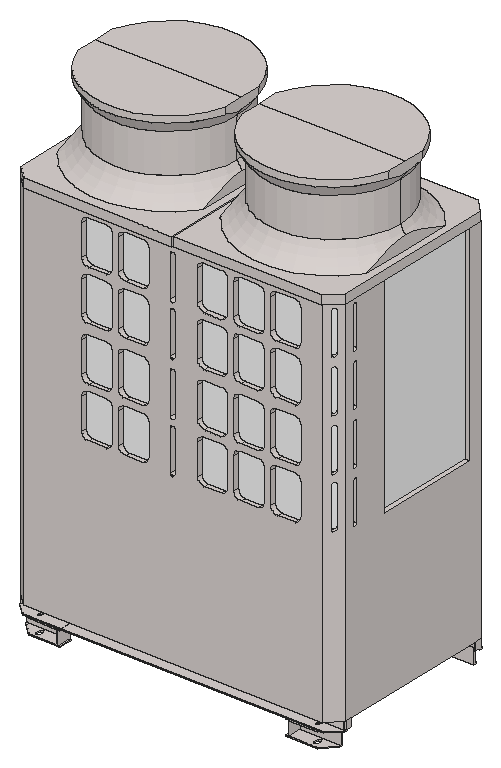
Revit family "PUHY-EM350YNW-A1", category 機械設備, Revit 2016 (continued)
Dimensions and locks
  curve 89 to cut or joined group 1 (Extrusion 1, Extrusion 2, Extrusion 3, Extrusion 4, Extrusion 5, Extrusion 6, Extrusion 7, Extrusion 8, Extrusion 9, Extrusion 10, Extrusion 11, Extrusion 12, Extrusion 13, Extrusion 14, Extrusion 15, Extrusion 16, Extrusion 17, Extrusion 18, Extrusion 19, Extrusion 20, Extrusion 21, Extrusion 22, Extrusion 23, Extrusion 24, Extrusion 25, Extrusion 26, Extrusion 27, Extrusion 28, Extrusion 29, Extrusion 30, Extrusion 31, Extrusion 32, Extrusion 33) = 216.000 mm
  cut or joined group 1 to curve 4 to curve 2 = 128.000 mm, 150.000 mm
  cut or joined group 1 to curve 1 to curve 3 = 79.000 mm, 94.000 mm
  Extrusion 32 sketch curve to nested 7 = 116.000 mm
  cut or joined group 1 to Extrusion 32 sketch curve = 160.000 mm
  cut or joined group 1 to Extrusion 33 sketch curve = 243.000 mm
  Extrusion 33 sketch curve to nested 7 = 116.000 mm
  aligned and locked: level to plane 2
  aligned and locked: Extrusion 1 to plane 4
Nested families
  nested 1: "FAN GUARD" at (-311.5, 0, 860), type "FAN GUARD"
    with WIDTH 870.000 mm
  nested 2: "FAN GUARD" at (311.5, 0, 860) x (-1, 0, 0) z (0, 0, 1), type "FAN GUARD"
    with WIDTH 870.000 mm
  nested 3: "ATTACHMENT LEG" at (-524, -349, 0), type "ATTACHMENT LEG"
  nested 4: "ATTACHMENT LEG" at (-524, 349, 0), type "ATTACHMENT LEG"
  nested 5: "ATTACHMENT LEG" at (524, -349, 0) x (-1, 0, 0) z (0, 0, 1), type "ATTACHMENT LEG"
  nested 6: "ATTACHMENT LEG" at (524, 349, 0) x (-1, 0, 0) z (0, 0, 1), type "ATTACHMENT LEG"
  nested 7: "BASE LEG_L" at (0, -352, 60), type "BASE LEG_L"
    with Width 1240.000 mm
  nested 8: "BASE LEG_L" at (0, 352, 60), type "BASE LEG_L"
    with Width 1240.000 mm
Connectors
  piping at (-460, -191, 176), diameter 12.7, driven by "Liquid pipe_radius"
    settings: on cut or joined group 1, index 3, connector inside diameter 12.7 mm, connector length 0.000 mm, flow factor 0, pipe flow 0.0 L/s, pressure drop 0.0 Pa, fitting loss kfactor 0, connector angle 0.00°, fixture units 0, engagement length 0.000 mm, angle of deflection 0.00°, flow configuration 0, flow direction 0, fitting loss method 0, system type 22, joint type 0, gender type 0, connector reference index -1, connector utility 0, adjustable connector no, is connector primary yes, connector description "Refrigerant service valve<Liquid pipe>"
  piping at (-377, -191, 176), diameter 28.58, driven by "Gas pipe_radius"
    settings: on cut or joined group 1, index 4, connector inside diameter 28.58 mm, connector length 0.000 mm, flow factor 0, pipe flow 0.0 L/s, pressure drop 0.0 Pa, fitting loss kfactor 0, connector angle 0.00°, fixture units 0, engagement length 0.000 mm, angle of deflection 0.00°, flow configuration 0, flow direction 0, fitting loss method 0, system type 22, joint type 0, gender type 0, connector reference index -1, connector utility 0, adjustable connector no, is connector primary no, connector description "Refrigerant service valve<Gas>"
  electrical at (0, -370, 808), driven by "Phase", driven by "Voltage"
    settings: on cut or joined group 1, index 5, voltage 380 V, apparent load 0 VA, apparent load phase1 0 VA, apparent load phase2 0 VA, apparent load phase3 0 VA, power factor 1, load classification "HVAC", number of poles 3, system type 30, power factor state 1, is connector primary yes, connector utility no, sub classification motor no, connector description ""
Definition of nested family "FAN GUARD"
  Parameters
    WIDTH [instance] = 870.000 mm
  Reference planes
    plane 1 "中心(正面/背面)": y = 0
    plane 2: z = 0
    plane 3 "ファンガード基準面": z = 661
    plane 4: y = 368
    plane 5: x = 366
    plane 6: x = -375
    plane 7 "ファンガード基準上面": z = 695
    plane 8 "ファンガード上面": z = 998
    plane 9: x = -273.971
    plane 10: x = 308.5
    plane 11: x = -308.5
    plane 12: x = 0
  Forms (mm)
    Extrusion 1, solid
      sketch origin (85, 0, 661) x (-1, 0, 0) y (0, -1, 0)
        loop
          line (343.5, -368) -> (393.5, -318) -> (393.5, 322) -> (342.5, 373) -> (-223.5, 373) -> (-223.5, -368) -> (343.5, -368)
      from 0 to 34
    Revolve 2, solid
      sketch origin (0, 0, 0) x (1, 0, 0) y (0, 0, 1)
        loop
          line (0, 695) -> (0, 998) -> (-290, 998) -> (-290, 972.327) -> (-260, 928.372) -> (-260, 777.384)
          arc (-260, 777.384) -> (-290.651, 730.137) -> (-334.665, 695) r 175.882
          line (-334.665, 695) -> (0, 695)
        axis (0, 998) -> (0, 695)
      angle from 0 to 360
    Extrusion 3, void
      sketch origin (-840, 75, 695) x (-1, 0, 0) y (0, -1, 0)
        loop
          line (-410, -165) -> (-410, 315) -> (-561.253, 315) -> (-561.253, -165) -> (-410, -165)
      from -35 to 430.592
    Extrusion 4, void
      sketch origin (840, 75, 695) x (1, 0, 0) y (0, 1, 0)
        loop
          line (-410, 165) -> (-561.253, 165) -> (-561.253, -315) -> (-410, -315) -> (-410, 165)
      from 0 to 430.592
  Cuts and joins
    Extrusion 3, Extrusion 4 cuts Revolve 2
    Extrusion 4 cuts Extrusion 1
  Lines and regions (mm)
    model lines
      curve 1: line (-278.747, 0, 998) -> (-80, 0, 998)
      curve 2: line (80, 0, 998) -> (278.747, 0, 998)
      curve 3: circle (0, 0, 998) r 80 normal (0, 0, 1)
      curve 4: line (-278.747, -80, 998) -> (278.747, -80, 998)
      curve 5: line (-241.868, -160, 998) -> (241.868, -160, 998)
      curve 6: line (-162.788, -240, 998) -> (162.788, -240, 998)
      curve 7: line (-278.747, 80, 998) -> (278.747, 80, 998)
      curve 8: line (-241.868, 160, 998) -> (240, 160, 998)
      curve 9: line (-160, 240, 998) -> (162.788, 240, 998)
      curve 10: line (0, 290, 998) -> (0, -290, 998)
      curve 11: line (-20, 289.31, 998) -> (-20, -289.31, 998)
      curve 12: line (-40, 287.228, 998) -> (-40, -287.228, 998)
      curve 13: line (-60, 283.725, 998) -> (-60, -283.725, 998)
      curve 14: line (-80, 278.747, 998) -> (-80, -278.747, 998)
      curve 15: line (20, 289.31, 998) -> (20, -289.31, 998)
      curve 16: line (40, 287.228, 998) -> (40, -287.228, 998)
      curve 17: line (60, 283.725, 998) -> (60, -283.725, 998)
      curve 18: line (80, 278.747, 998) -> (80, -278.747, 998)
      curve 19: line (100, 272.213, 998) -> (100, -272.213, 998)
      curve 20: line (120, 264.008, 998) -> (120, -264.008, 998)
      curve 21: line (140, 253.969, 998) -> (140, -253.969, 998)
      curve 22: line (160, 241.868, 998) -> (160, -243.132, 998)
      curve 23: line (180, 227.376, 998) -> (180, -227.624, 998)
      curve 24: line (200, 210, 998) -> (200, -210, 998)
      curve 25: line (220, 188.944, 998) -> (220, -188.944, 998)
      curve 26: line (240, 160, 998) -> (240, -162.788, 998)
      curve 27: line (260, 128.452, 998) -> (260, -128.452, 998)
      curve 28: line (-100, 272.213, 998) -> (-100, -272.213, 998)
      curve 29: line (-120, 264.008, 998) -> (-120, -264.008, 998)
      curve 30: line (-140, 253.969, 998) -> (-140, -253.969, 998)
      curve 31: line (-160, 240, 998) -> (-160, -241.868, 998)
      curve 32: line (-180, 227.376, 998) -> (-180, -227.376, 998)
      curve 33: line (-200, 210, 998) -> (-200, -210, 998)
      curve 34: line (-220, 188.944, 998) -> (-220, -188.944, 998)
      curve 35: line (-240, 162.788, 998) -> (-240, -162.788, 998)
      curve 36: line (-260, 128.452, 998) -> (-260, -128.452, 998)
      curve 37: line (10, 79.373, 998) -> (10, -79.373, 998)
      curve 38: line (-10, 79.373, 998) -> (-10, -79.373, 998)
      curve 39: line (30, 74.162, 998) -> (30, -74.162, 998)
      curve 40: line (50, 62.45, 998) -> (50, -62.45, 998)
      curve 41: line (70, 38.73, 998) -> (70, -38.73, 998)
      curve 42: line (-30, 74.162, 998) -> (-30, -74.162, 998)
      curve 43: line (-50, 62.45, 998) -> (-50, -62.45, 998)
      curve 44: line (-70, 38.73, 998) -> (-70, -38.73, 998)
  Dimensions and locks
    locked: plane 8 "ファンガード上面" to plane 7 "ファンガード基準上面" at 303
    plane 8 "ファンガード上面" to plane 3 "ファンガード基準面" = 337.000 mm
    Revolve 2 sketch curve to Revolve 2 sketch curve = 290.000 mm
    Extrusion 1 sketch curve to Extrusion 1 sketch curve = 741.000 mm
    equal spacing: Extrusion 1 sketch curve, plane 1 "中心(正面/背面)", Extrusion 1 sketch curve
    plane 6 to plane 5 = 741.000 mm
    Extrusion 1 sketch curve to Extrusion 1 sketch curve = 617.000 mm
    plane 11 to plane 10 = 617.000 mm
    cut or joined group of Extrusion 1, Extrusion 4 to cut or joined group of Extrusion 1, Extrusion 4 = 617.000 mm
    cut or joined group of Extrusion 1, Extrusion 4 to cut or joined group of Extrusion 1, Extrusion 4 = 741.000 mm
    aligned and locked: level to plane 2
    aligned and locked: plane 7 "ファンガード基準上面" to Extrusion 1
    aligned and locked: plane 3 "ファンガード基準面" to Extrusion 1
    aligned and locked: cut or joined group of Revolve 2, Extrusion 3, Extrusion 4 to plane 8 "ファンガード上面"
Definition of nested family "ATTACHMENT LEG"
  Parameters
    Width = 145.000 mm
  Reference planes
    plane 1: z = 0
    plane 2 "中心(左/右)": x = -6
    plane 3: x = -52
    plane 4: x = 85
    plane 5: x = 93
    plane 6: y = -21
    plane 7: y = 27
    plane 8: x = -30
    plane 9: y = 39
    plane 10: z = 60
    plane 11: z = 57
    plane 12: z = 3
    plane 13: x = 82
    plane 14: y = 36
    plane 15: x = -75
    plane 16: y = 31
    plane 17 "幅": x = 93
    plane 18: y = 2.5
    plane 19: y = 21
    plane 20: y = -10
  Forms (mm)
    Extrusion 1, solid
      sketch origin (0, -1, 0) x (1, 0, 0) y (0, 1, 0)
        loop
          line (-75, 36) -> (-75, 27) -> (-28, -20) -> (93, -20) -> (93, 32) -> (85, 32) -> (85, 36) -> (-75, 36)
      from 0 to 60
    Extrusion 2, void
      sketch origin (0, -3, 0) x (1, 0, 0) y (0, 0, 1)
        loop
          line (-75, 57) -> (-75, 3) -> (82, 3) -> (82, 57) -> (-75, 57)
        loop
          line (93, 57) -> (85, 57) -> (85, 3) -> (93, 3) -> (93, 57)
      from -35 to 18
    Extrusion 3, void
      sketch origin (-6, 5.5, 0) x (1, 0, 0) y (0, 1, 0)
        loop
          arc (-7, -8.5) -> (0, -15.5) -> (7, -8.5) r 7
          line (7, -8.5) -> (7, 8.5)
          arc (7, 8.5) -> (0, 15.5) -> (-7, 8.5) r 7
          line (-7, 8.5) -> (-7, -8.5)
      from 0 to 60
  Cuts and joins
    Extrusion 2, Extrusion 3 cuts Extrusion 1
  Dimensions and locks
    locked: plane 3 to plane 4 at 137
    locked: plane 3 to plane 5 at 145
    plane 6 to plane 7 = 48.000 mm
    locked: plane 10 to level at 60
    Extrusion 3 sketch curve to plane 2 "中心(左/右)" = 7.000 mm
    locked: plane 15 to plane 2 "中心(左/右)" at 69
    locked: plane 15 to plane 8 at 45
    locked: plane 6 to plane 18 at 23.5
    cut or joined group of Extrusion 1, Extrusion 2, Extrusion 3 to cut or joined group of Extrusion 1, Extrusion 2, Extrusion 3 = 168.000 mm
    cut or joined group of Extrusion 1, Extrusion 2, Extrusion 3 to cut or joined group of Extrusion 1, Extrusion 2, Extrusion 3 = 56.000 mm  (x2)
    plane 14 to plane 6 = 57.000 mm
    aligned and locked: level to plane 1
    aligned and locked: Extrusion 1 sketch curve to plane 4
    aligned and locked: Extrusion 1 sketch curve to plane 5
    aligned: plane 8 to Extrusion 1 sketch curve
    aligned and locked: plane 10 to Extrusion 1
    aligned and locked: Extrusion 2 sketch curve to plane 11
    aligned: plane 3 to Extrusion 2 sketch curve
    aligned and locked: plane 12 to Extrusion 2 sketch curve
    aligned and locked: Extrusion 2 sketch curve to plane 13
    aligned and locked: plane 6 to Extrusion 2
    aligned and locked: plane 11 to Extrusion 2 sketch curve
    aligned and locked: plane 5 to Extrusion 2 sketch curve
    aligned and locked: Extrusion 2 sketch curve to plane 12
    aligned and locked: Extrusion 2 sketch curve to plane 4
    aligned and locked: plane 15 to Extrusion 1 sketch curve
    aligned and locked: Extrusion 2 sketch curve to cut or joined group of Extrusion 1, Extrusion 2, Extrusion 3
    aligned and locked: Extrusion 1 to plane 16
Definition of nested family "BASE LEG_L"
  Parameters
    Width [instance] = 1240.000 mm
  Reference planes
    plane 1 "中心(正面/背面)": y = 0
    plane 2: z = 0
    plane 3 "中心(左/右)": x = 0
    plane 4: x = 620
    plane 5: x = -620
    plane 6: x = -530
    plane 7: x = 530
    plane 8: y = -18
    plane 9: y = 39
    plane 10: z = 53
    plane 11: y = 42
    plane 12: y = 27
    plane 13: x = 575
    plane 14: x = -575
    plane 15: z = 8
    plane 16: y = 11.5
    plane 17: z = 35
  Forms (mm)
    Extrusion 1, solid
      sketch origin (0, 0, 0) x (0, 1, 0) y (0, 0, 1)
        loop
          line (-18, 0) -> (36, 0) -> (36, 32) -> (56, 32) -> (56, 35) -> (33, 35) -> (33, 3) -> (-18, 3) -> (-18, 0)
      from -620 to 620
    Extrusion 2, void
      sketch origin (0, 0, 0) x (1, 0, 0) y (0, 1, 0)
        loop
          line (575, -18) -> (620, -18) -> (620, 27) -> (575, -18)
        loop
          line (-575, -18) -> (-620, 27) -> (-620, -18) -> (-575, -18)
      from 0 to 250
    Extrusion 3, void
      sketch origin (0, 12.023, 0) x (1, 0, 0) y (0, 1, 0)
        loop
          arc (523, -2.971) -> (530, -9.971) -> (537, -2.971) r 7
          line (537, -2.971) -> (537, 3.023)
          arc (537, 3.023) -> (530, 10.023) -> (523, 3.023) r 7
          line (523, 3.023) -> (523, -2.971)
        loop
          line (-523, -2.971) -> (-523, 3.023)
          arc (-523, 3.023) -> (-530, 10.023) -> (-537, 3.023) r 7
          line (-537, 3.023) -> (-537, -2.971)
          arc (-537, -2.971) -> (-530, -9.971) -> (-523, -2.971) r 7
      from 0 to 250
    Extrusion 4, solid
      sketch origin (0, 0, -3) x (1, 0, 0) y (0, 0, 1)
        loop
          line (617, 8) -> (620, 8) -> (620, 35) -> (617, 35) -> (617, 8)
        loop
          line (-617, 8) -> (-617, 35) -> (-620, 35) -> (-620, 8) -> (-617, 8)
      from -36 to -56
    Extrusion 5, solid
      sketch origin (150, 352, 0) x (1, 0, 0) y (0, 1, 0)
        loop
          line (460, -319) -> (455, -319) -> (455, -320) -> (405, -370) -> (410, -370) -> (460, -320) -> (460, -319)
      from 3 to 35
    Extrusion 6, void
      sketch origin (560, -18, 0) x (0.707107, 0.707107, 0) y (0, 0, 1)
        loop
          line (70.711, 3) -> (-6.741, 39.767) -> (-6.741, 3) -> (70.711, 3)
      from -190.256 to 23.776
    Extrusion 7, solid
      sketch origin (-150, 352, 0) x (-1, 0, 0) y (0, -1, 0)
        loop
          line (460, 319) -> (460, 320) -> (410, 370) -> (405, 370) -> (455, 320) -> (455, 319) -> (460, 319)
      from 3 to 35
    Extrusion 8, void
      sketch origin (-560, -18, 0) x (0.707107, -0.707107, 0) y (0, 0, -1)
        loop
          line (-70.711, -3) -> (0, -35) -> (6.741, -35) -> (6.741, -3) -> (-70.711, -3)
      from -190.256 to 23.776
  Cuts and joins
    Extrusion 2, Extrusion 3 cuts Extrusion 1
    joined: Extrusion 1, Extrusion 4
    Extrusion 8 cuts Extrusion 7
    Extrusion 6 cuts Extrusion 5
  Dimensions and locks
    "Width": plane 5 to plane 4
    equal spacing: plane 5, plane 3 "中心(左/右)", plane 4
    locked: plane 5 to plane 6 at 90
    locked: plane 7 to plane 4 at 90
    locked: plane 8 to plane 9 at 57
    locked: plane 10 to level at 53
    locked: plane 9 to plane 11 at 3
    plane 8 to plane 12 = 45.000 mm
    locked: plane 13 to plane 4 at 45
    locked: plane 5 to plane 14 at 45
    equal spacing: Extrusion 3 sketch curve, plane 7, Extrusion 3 sketch curve
    equal spacing: Extrusion 3 sketch curve, plane 6, Extrusion 3 sketch curve
    locked: plane 10 to plane 15 at 45
    locked: cut or joined group of Extrusion 1, Extrusion 2, Extrusion 3, Extrusion 4 to Extrusion 4 sketch curve at 3  (x2)
    locked: plane 8 to plane 16 at 29.5
    plane 8 to plane 11 = 60.000 mm
    cut or joined group of Extrusion 1, Extrusion 2, Extrusion 3, Extrusion 4 to cut or joined group of Extrusion 1, Extrusion 2, Extrusion 3, Extrusion 4 = 35.000 mm
    aligned and locked: level to plane 2
    aligned and locked: plane 8 to Extrusion 1 sketch curve
    aligned and locked: plane 4 to Extrusion 1
    aligned and locked: Extrusion 1 to plane 5
    aligned and locked: Extrusion 2 sketch curve to plane 4
    aligned and locked: Extrusion 2 sketch curve to plane 8
    aligned and locked: plane 12 to Extrusion 2 sketch curve
    aligned and locked: plane 13 to Extrusion 2 sketch curve
    aligned and locked: plane 4 to Extrusion 4 sketch curve
    aligned and locked: plane 5 to Extrusion 4 sketch curve
    aligned and locked: cut or joined group of Extrusion 7, Extrusion 8 to cut or joined group of Extrusion 1, Extrusion 2, Extrusion 3, Extrusion 4
  Automatic sketch dimensions
    Extrusion 3 sketch curve to plane 1 "中心(正面/背面)" = 9.052 mm  (x2)
    Extrusion 3 sketch curve to plane 7 = 7.000 mm
    Extrusion 3 sketch curve to plane 1 "中心(正面/背面)" = 15.046 mm  (x2)
    Extrusion 3 sketch curve to plane 6 = 7.000 mm
    Extrusion 2 sketch curve to plane 5 = 0.000 mm
    plane 8 to Extrusion 2 sketch curve = 0.000 mm
    Extrusion 2 sketch curve to plane 14 = 0.000 mm
    plane 12 to Extrusion 2 sketch curve = 0.000 mm
    Extrusion 4 sketch curve to plane 10 = 21.000 mm
    plane 7 to Extrusion 5 sketch curve = 25.000 mm
    Extrusion 5 sketch curve to Extrusion 5 sketch curve = 5.000 mm  (x2)
    plane 7 to Extrusion 5 sketch curve = 75.000 mm
    plane 8 to Extrusion 5 sketch curve = 0.000 mm
    Extrusion 5 sketch curve to Extrusion 5 sketch curve = 50.000 mm
    Extrusion 5 sketch curve to Extrusion 5 sketch curve = 0.000 mm
    Extrusion 5 sketch curve to Extrusion 5 sketch curve = 1.000 mm
    Extrusion 6 sketch curve to Extrusion 5 = 0.000 mm  (x2)
    Extrusion 6 sketch curve to Extrusion 5 = 6.741 mm
    Extrusion 6 sketch curve to Extrusion 5 = 4.767 mm
    plane 6 to Extrusion 7 sketch curve = 25.000 mm
    Extrusion 7 sketch curve to Extrusion 7 sketch curve = 5.000 mm  (x2)
    Extrusion 7 sketch curve to Extrusion 7 sketch curve = 45.000 mm
    Extrusion 7 sketch curve to plane 8 = 0.000 mm
    Extrusion 7 sketch curve to Extrusion 7 sketch curve = 50.000 mm
    Extrusion 7 sketch curve to Extrusion 7 sketch curve = 0.000 mm
    Extrusion 7 sketch curve to Extrusion 7 sketch curve = 1.000 mm
    Extrusion 8 sketch curve to Extrusion 7 = 0.000 mm  (x2)
    Extrusion 7 to Extrusion 8 sketch curve = 0.000 mm  (x2)
    Extrusion 7 to Extrusion 8 sketch curve = 6.741 mm
    Extrusion 4 sketch curve to plane 17 = 3.000 mm
    Extrusion 4 sketch curve to plane 15 = 3.000 mm  (x2)
    Extrusion 1 sketch curve to plane 17 = 0.000 mm
    Extrusion 1 sketch curve to level = 0.000 mm
    level to Extrusion 1 sketch curve = 3.000 mm
    plane 9 to Extrusion 1 sketch curve = 6.000 mm
    plane 9 to Extrusion 1 sketch curve = 3.000 mm
    Extrusion 1 sketch curve to plane 17 = 3.000 mm
    Extrusion 1 sketch curve to plane 11 = 14.000 mm
Types (6, lengths in mm): name | Voltage | Rated Load Ampacity (A) Heating mode | Rated Load Ampacity (A) Cooling mode | Hertz | Heating Current (A) | Cooling Current (A)
  PUHY-EM350YNW-A1_380V_50Hz | 380 V | 20.4 | 19 | 50 Hz | 20.4 | 19
  PUHY-EM350YNW-A1_380V_60Hz | 380 V | 20.4 | 19 | 60 Hz | 20.4 | 19
  PUHY-EM350YNW-A1_400V_50Hz | 400 V | 19.4 | 18.1 | 50 Hz | 19.4 | 18.1
  PUHY-EM350YNW-A1_400V_60Hz | 400 V | 19.4 | 18.1 | 60 Hz | 19.4 | 18.1
  PUHY-EM350YNW-A1_415V_50Hz | 415 V | 18.7 | 17.4 | 50 Hz | 18.7 | 17.4
  PUHY-EM350YNW-A1_415V_60Hz | 415 V | 18.7 | 17.4 | 60 Hz | 18.7 | 17.4
